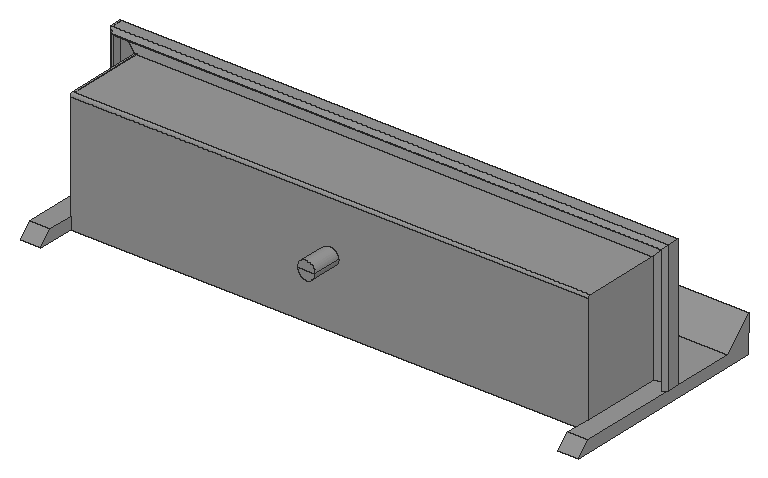
Revit family "Urinal-Willoughby-1800-UW-FA-LS", category Plumbing Fixtures, host Face, Revit 2014
Parameters (values of type "1848")
  Width = 4' - 0"
  Waste DIA = 1 1/2"
  Waste Connection = yes
  Vent Connection = no
  URL = "willoughby-ind.com"
  Trough Width = Width - 0' 3 1/2"  # 3' - 8 1/2"
  Revision = "A"
  Model = "UW-1836-FA-LS"
  Manufacturer = "Willoughby Industries"
  Half Width = Width / 2  # 2' - 0"
  HW Connection = no
  Fixture Body = Stainless Steel AISI 304-Willoughby
  Description = "48\" Trough Urinal"
  Default Elevation = 0' - 0"
  Contact = "800-428-4065"
  CW inlet Diameter = 3/4"
  CW Connection = yes
  96" = no
  72" = no
  60" = no
  48" = yes
  36" = no
Types (6): name | Width | Trough Width | Model | Half Width | Fixture Body | Description | CW inlet Diameter | 96" | 72" | 60" | 48" | 36"
  (no name) | 4' - 0" | 3' - 8 1/2" | "UW-1836-FA-LS" | 2' - 0" | Stainless Steel AISI 304-Willoughby | "48\" Trough Urinal" | 3/4" | no | no | no | yes | no
  1848 | 4' - 0" | 3' - 8 1/2" | "UW-1836-FA-LS" | 2' - 0" | Stainless Steel AISI 304-Willoughby | "48\" Trough Urinal" | 3/4" | no | no | no | yes | no
  1836 | 3' - 0" | 2' - 8 1/2" | "UW-1836-FA-LS" | 1' - 6" | Stainless Steel AISI 304-Willoughby(4) | "36\" Trough Urinal" | 3/4" | no | no | no | no | yes
  1860 | 5' - 0" | 4' - 8 1/2" | "UW-1836-FA-LS" | 2' - 6" | Stainless Steel AISI 304-Willoughby(3) | "60\" Trough Urinal" | 3/4" | no | no | yes | no | no
  1872 | 6' - 0" | 5' - 8 1/2" | "UW-1836-FA-LS" | 3' - 0" | Stainless Steel AISI 304-Willoughby(2) | "72\" Trough Urinal" | 1 1/2" | no | yes | no | no | no
  1896 | 8' - 0" | 7' - 8 1/2" | "UW-1836-FA-TS-LS" | 4' - 0" | Stainless Steel AISI 304-Willoughby(1) | "96\" Trough Urinal" | 1 1/2" | yes | no | no | no | no
Reference planes (in)
  plane 1 "Center (Front/Back)Floor Level": y = 0
  plane 2: z = 0
  plane 3 "Center (Left/Right)": x = 0
  plane 4 "Top Of Urinal": y = 20
  plane 5 "Top Of Unit": y = 28
  plane 6 "Botto Of Unit": y = 13
  plane 7 "Left extent": x = -24
  plane 8 "Right Extent": x = 24
  plane 9: z = 10.5
  plane 10: x = 22.25
  plane 11: x = -22.25
  plane 12 "Drain Center": z = 5.75
  plane 13 "top spud": z = 2.5
  plane 14: x = -22.15625
  plane 15: x = -25
Forms (in)
  Extrusion 1, solid, material "Stainless Steel AISI 304-Willoughby" <- "Fixture Body"
    sketch origin (0, 0, 0) x (0, 1, 0) y (0, 0, 1)
      loop
        line (13, 0) -> (28, 0) -> (28, 3.25) -> (25.75, 1) -> (13, 1) -> (13, 0)
    from -24 to 24
  Extrusion 2, solid, material "Stainless Steel AISI 304-Willoughby" <- "Fixture Body"
    sketch origin (0, 0, 0) x (0, 1, 0) y (0, 0, 1)
      loop
        line (20, 1) -> (20, 10.5) -> (13.25, 10.5)
        arc (13.25, 10.5) -> (13.07322, 10.42678) -> (13, 10.25) r 0.25
        line (13, 10.25) -> (13, 1) -> (20, 1)
    from -22.25 to 22.25
  Sweep 3, solid, material "Stainless Steel AISI 304-Willoughby" <- "Fixture Body", detail levels medium+fine
    path origin (0, 20, 0) x (-1, 0, 0) y (0, 0, 1)
      loop
        line (-22.25, 1) -> (-22.25, 10.5) -> (22.25, 10.5) -> (22.25, 1)
    profile origin (22.25, 20, 5.75) x (1, 0, 0) y (0, 1, 0)
      loop
        line (0, 0) -> (0, -0.09706) -> (1.65625, 0.34673) -> (1.65625, -0.49226) -> (1.33016, -0.81835) -> (1.39645, -0.88464) -> (1.75, -0.53109) -> (1.75, 0.46891) -> (0, 0)
  Extrusion 4, void
    sketch origin (0, 0, 0) x (0, 1, 0) y (0, 0, 1)
      loop
        line (20, 10.45984) -> (13.36653, 10.45984)
        arc (13.36653, 10.45984) -> (13.18975, 10.38661) -> (13.11653, 10.20984) r 0.25
        line (13.11653, 10.20984) -> (13.11653, 1.06937) -> (20, 1.06937) -> (20, 10.45984)
    from -22.15625 to 22.1513
  Revolve 5, solid, material "Stainless Steel AISI 304-Willoughby" <- "Fixture Body", detail levels medium+fine
    sketch origin (0, 0, 5.75) x (1, 0, 0) y (0, 1, 0)
      loop
        line (0, 13.11653) -> (0, 10.5) -> (0.75, 10.5) -> (0.75, 13.11653) -> (0, 13.11653)
      axis (0, 13.11653) -> (0, 10.5)
    angle from 0 to 360
  Extrusion 6, solid, material "Stainless Steel AISI 304-Willoughby" <- "Fixture Body"
    sketch origin (0, 0, 0) x (0, 1, 0) y (0, 0, 1)
      loop
        line (13, 0) -> (13, 1) -> (10.75, 1) -> (9.75, 0) -> (13, 0)
    from -24 to -22.25
  Extrusion 7, solid, material "Stainless Steel AISI 304-Willoughby" <- "Fixture Body"
    sketch origin (0, 0, 0) x (0, 1, 0) y (0, 0, 1)
      loop
        line (13, 1) -> (10.75, 1) -> (9.75, 0) -> (13, 0) -> (13, 1)
    from 22.25 to 24
  Extrusion 8, solid, material "Stainless Steel AISI 304-Willoughby" <- "Fixture Body", detail levels medium+fine
    sketch origin (0, 0, 0) x (0, 1, 0) y (0, 0, 1)
      loop
        circle (27.24511, 1.32678) r 0.375
    from -24 to -25
Cuts and joins
  Extrusion 4 cuts Extrusion 2
  joined: Extrusion 1, Extrusion 2, Extrusion 6, Extrusion 7
  Extrusion 4 cuts Sweep 3
Lines and regions (in)
  symbolic lines
    curve 1: line (-22.25, 9.75, 2.5) -> (-24, 9.75, 2.5)
    curve 2: line (-24, 9.75, 2.5) -> (-24, 28, 2.5)
    curve 3: line (-24, 28, 2.5) -> (24, 28, 2.5)
    curve 4: line (24, 28, 2.5) -> (24, 9.75, 2.5)
    curve 5: line (24, 9.75, 2.5) -> (22.25, 9.75, 2.5)
    curve 6: line (22.25, 9.75, 2.5) -> (22.25, 13, 2.5)
    curve 7: line (22.25, 13, 2.5) -> (-22.25, 13, 2.5)
    curve 8: line (-22.25, 13, 2.5) -> (-22.25, 20, 2.5)
    curve 9: line (-22.25, 20, 2.5) -> (22.25, 20, 2.5)
    curve 10: line (22.25, 20, 2.5) -> (22.25, 13, 2.5)
    curve 17: line (-22.25, 13, 2.5) -> (-22.25, 9.75, 2.5)
    curve 20: line (-24, 20, 0) -> (24, 20, 0)
    curve 21: line (24, 20, 0) -> (24, 20, 12.25)
    curve 22: line (24, 20, 12.25) -> (-24, 20, 12.25)
    curve 23: line (-24, 20, 12.25) -> (-24, 20, 0)
    curve 29: line (0, 9.75, 0) -> (0, 28, 0)
    curve 30: line (0, 28, 0) -> (0, 28, 3.25)
    curve 31: line (0, 28, 3.25) -> (0, 25.75, 1)
    curve 32: line (0, 25.75, 1) -> (0, 10.75, 1)
    curve 33: line (0, 10.75, 1) -> (0, 9.75, 0)
    curve 34: line (0, 20, 1) -> (0, 20, 10.5)
    curve 35: line (0, 20, 10.5) -> (0, 13.25, 10.5)
    curve 36: arc (0, 13.25, 10.5) -> (0, 13.07322, 10.42678) -> (0, 13, 10.25) r 0.25
    curve 37: line (0, 13, 10.25) -> (0, 13, 1)
  symbolic lines, detail levels fine
    curve 11: line (-23.64645, 19.11536, 2.5) -> (23.64645, 19.11536, 2.5)
    curve 12: line (23.64645, 19.11536, 2.5) -> (24, 19.46891, 2.5)
    curve 13: line (24, 20.46891, 2.5) -> (22.25, 20, 2.5)
    curve 14: line (-23.64645, 19.11536, 2.5) -> (-24, 19.46891, 2.5)
    curve 26: line (-22.25, 20, 1) -> (-22.25, 20, 10.5)
    curve 27: line (-22.25, 20, 10.5) -> (22.25, 20, 10.5)
    curve 28: line (22.25, 20, 10.5) -> (22.25, 20, 1)
    curve 42: line (0, 20.46891, 12.25) -> (0, 20, 10.5)
    curve 43: line (0, 19.46891, 12.25) -> (0, 19.46891, 1)
  symbolic lines, detail levels medium+fine
    curve 15: line (-24, 20.46891, 2.5) -> (24, 20.46891, 2.5)
    curve 16: line (-24, 25.75, 2.5) -> (24, 25.75, 2.5)
    curve 18: line (-22.25, 10.75, 2.5) -> (-24, 10.75, 2.5)
    curve 19: line (22.25, 10.75, 2.5) -> (24, 10.75, 2.5)
    curve 24: line (-24, 20, 1) -> (24, 20, 1)
    curve 25: line (24, 20, 3.25) -> (-24, 20, 3.25)
    curve 38: line (0, 20.46891, 1) -> (0, 20.46891, 12.25)
    curve 39: line (0, 20.46891, 12.25) -> (0, 19.46891, 12.25)
    curve 40: line (0, 19.46891, 12.25) -> (0, 19.11536, 11.89645)
    curve 41: line (0, 19.11536, 11.89645) -> (0, 19.11536, 1)
Dimensions and locks (in)
  "Width": plane 7 "Left extent" to plane 8 "Right Extent"
  equal spacing: plane 7 "Left extent", plane 3 "Center (Left/Right)", plane 8 "Right Extent"
  plane 3 "Center (Left/Right)" to plane 8 "Right Extent" = 2' - 0"
  "Trough Width": plane 11 to plane 10
  equal spacing: plane 11, plane 3 "Center (Left/Right)", plane 10
  cut or joined group of Extrusion 1, Extrusion 2, Extrusion 4, Extrusion 6, Extrusion 7 to cut or joined group of Extrusion 1, Extrusion 2, Extrusion 4, Extrusion 6, Extrusion 7 = 0' - 1 3/4"
  locked: cut or joined group of Extrusion 1, Extrusion 2, Extrusion 4, Extrusion 6, Extrusion 7 to cut or joined group of Extrusion 1, Extrusion 2, Extrusion 4, Extrusion 6, Extrusion 7 at 0.0987
  plane 13 "top spud" to cut or joined group of Extrusion 1, Extrusion 2, Extrusion 4, Extrusion 6, Extrusion 7 = 0' - 0 3/4"
  cut or joined group of Extrusion 1, Extrusion 2, Extrusion 4, Extrusion 6, Extrusion 7 to cut or joined group of Extrusion 1, Extrusion 2, Extrusion 4, Extrusion 6, Extrusion 7 = 0' - 1 27/32"
  plane 11 to plane 14 = 0' - 0 3/32"
  locked: plane 15 to plane 7 "Left extent" at 1
  aligned and locked: plane 2 to host face
  aligned and locked: level to host face
  aligned and locked: Extrusion 1 to level
  aligned and locked: plane 5 "Top Of Unit" to Extrusion 1
  aligned and locked: Extrusion 1 to plane 6 "Botto Of Unit"
  aligned and locked: Extrusion 1 to plane 8 "Right Extent"
  aligned and locked: plane 7 "Left extent" to Extrusion 1
  aligned and locked: plane 9 to Extrusion 2
  aligned and locked: plane 4 "Top Of Urinal" to Extrusion 2
  aligned and locked: Extrusion 2 to Extrusion 1
  aligned and locked: Extrusion 2 to plane 6 "Botto Of Unit"
  aligned and locked: plane 10 to Extrusion 2
  aligned and locked: Extrusion 2 to plane 11
  aligned and locked: plane 4 "Top Of Urinal" to Extrusion 4
  aligned and locked: Extrusion 2 to cut or joined group of Sweep 3, Extrusion 4  (x2)
  aligned and locked: cut or joined group of Extrusion 1, Extrusion 2, Extrusion 4, Extrusion 6, Extrusion 7 to Revolve 5 sketch curve
  aligned and locked: Revolve 5 sketch curve to Revolve 5 sketch curve  (x2)
  aligned and locked: Extrusion 6 to level
  aligned and locked: plane 6 "Botto Of Unit" to Extrusion 6
  aligned and locked: Extrusion 6 to cut or joined group of Extrusion 1, Extrusion 2, Extrusion 4, Extrusion 6, Extrusion 7
  aligned and locked: plane 11 to Extrusion 6
  aligned and locked: plane 7 "Left extent" to Extrusion 6
  aligned and locked: Extrusion 7 to plane 8 "Right Extent"
  aligned and locked: Extrusion 7 to plane 10
  aligned and locked: curve 16 to cut or joined group of Extrusion 1, Extrusion 2, Extrusion 4, Extrusion 6, Extrusion 7
  aligned and locked: Extrusion 4 to plane 14
  aligned and locked: Extrusion 8 to plane 7 "Left extent"
  aligned and locked: plane 15 to Extrusion 8
Automatic sketch dimensions
  host sketch curve to host sketch curve = 6' - 4.33791"
  host sketch curve to host sketch curve = 4' - 9.81011"
  Extrusion 1 sketch curve to level = 0' - 0"
  Extrusion 1 sketch curve to plane 6 "Botto Of Unit" = 0' - 0"
  Extrusion 1 sketch curve to plane 5 "Top Of Unit" = 0' - 0"
  level to Extrusion 1 sketch curve = 0' - 1"
  Extrusion 1 sketch curve to plane 5 "Top Of Unit" = 0' - 2 1/4"
  Extrusion 1 sketch curve to Extrusion 1 sketch curve = 0' - 2 1/4"
  Extrusion 2 sketch curve to plane 6 "Botto Of Unit" = 0' - 0"
  Extrusion 2 sketch curve to plane 9 = 0' - 0"
  Extrusion 2 sketch curve to plane 4 "Top Of Urinal" = 0' - 0"
  plane 6 "Botto Of Unit" to Extrusion 2 sketch curve = 0' - 0 1/4"
  level to Extrusion 2 sketch curve = 0' - 1"
  Sweep 3 sketch curve to plane 10 = 0' - 0"
  Sweep 3 sketch curve to plane 9 = 0' - 0"
  Sweep 3 sketch curve to plane 11 = 0' - 0"
  level to Sweep 3 sketch curve = 0' - 1"  (x2)
  Sweep 3 sketch curve to profile plane = 0' - 0"
  Sweep 3 sketch curve to plane 4 "Top Of Urinal" = 0' - 0"
  Sweep 3 sketch curve to profile plane = 0' - 1.33016"
  Sweep 3 sketch curve to plane 4 "Top Of Urinal" = 0' - 0.88464"
  Sweep 3 sketch curve to Sweep 3 sketch curve = 0' - 0.06629"
  plane 4 "Top Of Urinal" to Sweep 3 sketch curve = 0' - 0.34673"
  Sweep 3 sketch curve to Sweep 3 sketch curve = 0' - 0.32609"
  Sweep 3 sketch curve to plane 4 "Top Of Urinal" = 0' - 0.53109"
  Sweep 3 sketch curve to Sweep 3 sketch curve = 0' - 0 3/32"
  Sweep 3 sketch curve to Sweep 3 sketch curve = 0' - 0.12218"
  Sweep 3 sketch curve to Sweep 3 sketch curve = 0' - 0.09706"
  Extrusion 4 sketch curve to plane 4 "Top Of Urinal" = 0' - 0"
  plane 6 "Botto Of Unit" to Extrusion 4 sketch curve = 0' - 0.36653"
  plane 6 "Botto Of Unit" to Extrusion 4 sketch curve = 0' - 0.11653"
  level to Extrusion 4 sketch curve = 0' - 1.06937"
  Extrusion 4 sketch curve to plane 9 = 0' - 0.29016"
  Revolve 5 sketch curve to plane 3 "Center (Left/Right)" = 0' - 0"
  Revolve 5 sketch curve to Revolve 5 sketch curve = 0' - 0 3/4"
  Revolve 5 sketch curve to plane 6 "Botto Of Unit" = 0' - 2 1/2"
  Revolve 5 sketch curve to Revolve 5 sketch curve = 0' - 0"
  Extrusion 6 sketch curve to level = 0' - 0"
  Extrusion 6 sketch curve to plane 6 "Botto Of Unit" = 0' - 0"
  level to Extrusion 6 sketch curve = 0' - 1"
  Extrusion 6 sketch curve to plane 6 "Botto Of Unit" = 0' - 2 1/4"
  Extrusion 6 sketch curve to Extrusion 6 sketch curve = 0' - 1"
  Extrusion 7 sketch curve to level = 0' - 0"
  Extrusion 7 sketch curve to plane 6 "Botto Of Unit" = 0' - 0"
  Extrusion 7 sketch curve to Extrusion 7 sketch curve = 0' - 1"  (x2)
  Extrusion 7 sketch curve to plane 6 "Botto Of Unit" = 0' - 2 1/4"
  curve 18 to plane 7 "Left extent" = 0' - 0"
  curve 17 to plane 6 "Botto Of Unit" = 0' - 0"
  curve 17 to plane 11 = 0' - 0"
  curve 10 to plane 4 "Top Of Urinal" = 0' - 0"
  curve 19 to plane 10 = 0' - 0"
  curve 15 to plane 8 "Right Extent" = 0' - 0"
  curve 3 to plane 5 "Top Of Unit" = 0' - 0"
  curve 14 to plane 7 "Left extent" = 0' - 0.35355"
  plane 8 "Right Extent" to curve 12 = 0' - 0.35355"
  curve 4 to plane 6 "Botto Of Unit" = 0' - 3 1/4"
  curve 17 to curve 7 = 0' - 3 1/4"
  curve 14 to plane 4 "Top Of Urinal" = 0' - 0.88464"
  plane 4 "Top Of Urinal" to curve 15 = 0' - 0.46891"
  curve 4 to curve 19 = 0' - 1"
  curve 1 to curve 18 = 0' - 1"
  curve 11 to curve 12 = 0' - 0.35355"
  curve 11 to curve 14 = 0' - 0.35355"
  curve 20 to level = 0' - 0"
  plane 8 "Right Extent" to curve 20 = 0' - 0"
  curve 28 to plane 9 = 0' - 0"
  curve 28 to plane 10 = 0' - 0"
  curve 27 to plane 11 = 0' - 0"
  plane 7 "Left extent" to curve 24 = 0' - 0"
  plane 9 to curve 22 = 0' - 1 3/4"
  level to curve 24 = 0' - 1"
  plane 13 "top spud" to curve 25 = 0' - 0 3/4"
  curve 29 to level = 0' - 0"
  curve 37 to plane 6 "Botto Of Unit" = 0' - 0"
  curve 35 to plane 9 = 0' - 0"
  curve 34 to plane 4 "Top Of Urinal" = 0' - 0"
  curve 29 to plane 5 "Top Of Unit" = 0' - 0"
  level to curve 32 = 0' - 1"
  curve 32 to plane 6 "Botto Of Unit" = 0' - 2 1/4"
  curve 33 to curve 32 = 0' - 1"
  plane 6 "Botto Of Unit" to curve 35 = 0' - 0 1/4"
  curve 41 to plane 4 "Top Of Urinal" = 0' - 0.88464"
  curve 40 to curve 40 = 0' - 0.35355"
  plane 4 "Top Of Urinal" to curve 39 = 0' - 0.46891"
  curve 31 to plane 5 "Top Of Unit" = 0' - 2 1/4"
  plane 13 "top spud" to curve 31 = 0' - 0 3/4"
  plane 9 to curve 40 = 0' - 1.39645"
  curve 40 to curve 39 = 0' - 0.35355"
  Extrusion 8 sketch curve to plane 5 "Top Of Unit" = 0' - 0.75489"
  Extrusion 8 sketch curve to plane 13 "top spud" = 0' - 1.17322"
  radius of Extrusion 8 sketch curve = 0' - 0 3/8"
Connectors (in)
  piping at (0, 10.5, 5.75), diameter 1.5, driven by "Waste DIA", driven by "Waste Connection"
    settings: on Revolve 5, index 1, connector inside diameter 24", connector length 0' - 0", flow factor 0, pipe flow 0 GPM, pressure drop 0.00 psi, fitting loss kfactor 0, connector angle 0.00°, fixture units 0, engagement length 0' - 0", angle of deflection 0.00°, flow configuration 0, flow direction 2, fitting loss method 0, system type 16, joint type 0, gender type 0, connector reference index -1, connector utility 1, adjustable connector no, is connector primary yes, connector description "Urinal Waste"
